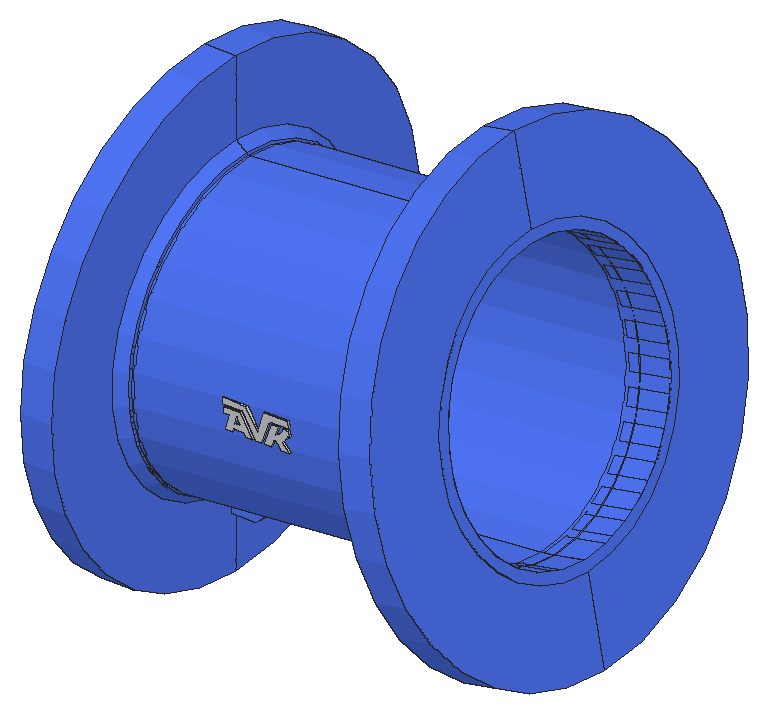
Revit family "712-0120-001-DN200", category Pipe Fittings, Revit 2019
Family settings
  Round Connector Dimension = Use Diameter
  Part Type = Elbow
  Work Plane-Based = No
  Always vertical = Yes
  Cut with Voids When Loaded = No
  Shared = No
Parameters (values of type "DN200_PN10/16")
  Rf_Dia = 133 mm
  RF_Thick = 4 mm
  L_Ref = 110 mm
  L = 132 mm  # constant formula
  ID(Radius) = [Nominal Diameter(DN)] / 2  # 100 mm
  Flange_thickness = 23 mm
  Nominal Diameter(DN) = 200 mm
  FOD = 170 mm
  URL product pages = "https://www.avkvalves.com/P.aspx?no=712020001200"
  Description_ = "AVK FLANGED BEND 11.25° W/LOOSE FLANGES"
  DN200_PN16 = "712-0200-01-201"
  DN200_PN10/16 = yes
  DN200_PN10 = "712-0200-01-200"
  Body_wallthickness = 15 mm + [Nominal Diameter(DN)]  # 215 mm
  A = 11.25°  # constant formula
Reference planes
  plane 1 "Center (Front/Back)": y = 0
  plane 2: z = 0
  plane 3 "Center (Left/Right)": x = 0
  plane 4: x = 132
  plane 5: through (128.985, -1524, 15.156) normal (0.9808, 0, 0.1951)
  plane 6: through (258.449, -1524, 40.908) normal (0.9808, 0, 0.1951)
  plane 7: through (132, -1524, 0) normal (-0.1951, 0, 0.9808)
  plane 8: z = -130
  plane 9: x = 48
  plane 10: x = 38
  plane 11: z = -120
Forms (mm)
  Sweep 1, solid, material "Plastic"
    path origin (0, 0, 0) x (1, 0, 0) y (0, 0, -1)
      loop
        line (0, 0) -> (33.509, 0)
        arc (33.509, 0) -> (131.526, -4.815) -> (228.599, -19.215) r 1000
        line (228.599, -19.215) -> (261.464, -25.752)
    profile origin (16.754, 0, 0) x (0, 0, 1) y (0, -1, 0)
      loop
        circle (0, 0) r 100
      loop
        circle (0, 0) r 107.5
  Revolve 2, solid, material "Plastic"
    sketch origin (0, 0, 0) x (1, 0, 0) y (0, 0, -1)
      loop
        line (0, 100) -> (23, 100) -> (23, 170) -> (0, 170) -> (0, 100)
      axis (0, 0) -> (23, 0)
    angle from 0 to 360
  Revolve 3, solid, material "Plastic"
    sketch origin (0, 0, 0) x (1, 0, 0) y (0, 0, -1)
      loop
        line (280.973, 72.327) -> (294.629, 140.982) -> (272.071, 145.469) -> (258.415, 76.814) -> (280.973, 72.327)
      axis (238.906, -21.265) -> (261.464, -25.752)
    angle from 0 to 360
  Revolve 4, solid, material "Plastic"
    sketch origin (0, 0, 0) x (1, 0, 0) y (0, 0, -1)
      loop
        line (23, 100) -> (31.437, 100) -> (31.437, 109.092) -> (23, 115) -> (23, 100)
      axis (23, 0) -> (31.437, 0)
    angle from 0 to 360
  Revolve 5, solid, material "Plastic"
    sketch origin (0, 0, 0) x (1, 0, 0) y (0, 0, -1)
      loop
        line (258.415, 76.814) -> (261.341, 91.525) -> (252.681, 86.525) -> (251.041, 78.28) -> (258.415, 76.814)
      axis (231.532, -19.798) -> (238.906, -21.265)
    angle from 0 to 360
  Extrusion 6, solid, material "Plastic"
    sketch origin (0, 0, 0) x (1, 0, 0) y (0, 0, 1)
      loop
        line (23, -100) -> (23, -130) -> (38, -130)
        arc (38, -130) -> (45.071, -127.071) -> (48, -120) r 10
        line (48, -120) -> (48, -100) -> (23, -100)
      loop
        circle (35.22, -117.317) r 6
    from -4.334 to 4.334
Dimensions and locks
  "L": plane 4 to plane 3 "Center (Left/Right)"
  "L": plane 5 to Sweep 1
  "Flange_thickness": Revolve 2 sketch curve to Sweep 1
  "ID(Radius)": Revolve 3 sketch curve to plane 7
  "FOD": Revolve 3 sketch curve to plane 7
  "Flange_thickness": Sweep 1 to Revolve 3 sketch curve
  locked: Revolve 5 sketch curve to plane 7 at 115
  locked: Revolve 5 sketch curve to plane 7 at 108.407
  locked: Revolve 5 sketch curve to plane 7 at 100
  locked: Revolve 5 sketch curve to Revolve 3 at 7.518
  locked: Revolve 2 to Revolve 4 sketch curve at 8.437
  locked: level to Extrusion 6 sketch curve at 100
  locked: level to Extrusion 6 sketch curve at 130
  locked: Extrusion 6 sketch curve to Revolve 2 at 25
  equal spacing: Extrusion 6, plane 1 "Center (Front/Back)", Extrusion 6
  locked: Extrusion 6 to Extrusion 6 at 8.668
  "ID(Radius)": radius of Sweep 1 sketch curve
  "Body_wallthickness": diameter of Sweep 1 sketch curve
  "A": angle plane 4 to plane 5
  aligned and locked: level to plane 2
  aligned and locked: Sweep 1 sketch curve to plane 3 "Center (Left/Right)"
  aligned and locked: plane 6 to Sweep 1 sketch curve
  aligned and locked: Revolve 2 sketch curve to Sweep 1
  aligned and locked: Revolve 3 sketch curve to Sweep 1
  aligned and locked: plane 7 to Revolve 3 sketch curve
  aligned and locked: Revolve 5 sketch curve to Revolve 3
  aligned and locked: plane 7 to Revolve 5 sketch curve
  aligned and locked: Revolve 4 sketch curve to Revolve 2
  aligned and locked: Revolve 2 to Extrusion 6 sketch curve
  aligned and locked: plane 11 to Extrusion 6 sketch curve
  aligned and locked: plane 9 to Extrusion 6 sketch curve
  aligned and locked: plane 10 to Extrusion 6 sketch curve
Automatic sketch dimensions
  Sweep 1 sketch curve to plane 7 = 0 mm  (x2)
  Sweep 1 sketch curve to plane 3 "Center (Left/Right)" = 33.509 mm
  Sweep 1 sketch curve to Sweep 1 sketch curve = 32.865 mm
  Sweep 1 sketch curve to Sweep 1 sketch curve = 980.785 mm
  Revolve 4 sketch curve to Revolve 4 sketch curve = 9.092 mm
  Revolve 4 sketch curve to Revolve 4 sketch curve = 5.908 mm
  Revolve 4 sketch curve to plane 3 "Center (Left/Right)" = 18 mm
  Revolve 4 sketch curve to Revolve 4 sketch curve = 35 mm
  Revolve 4 sketch curve to Revolve 4 sketch curve = 100 mm
  Revolve 5 sketch curve to Revolve 5 sketch curve = 24.52 mm
  level to Revolve 4 sketch curve = 100 mm
  plane 4 to Revolve 5 sketch curve = 94.628 mm
  Extrusion 6 sketch curve to Extrusion 6 sketch curve = 2.78 mm
  Extrusion 6 sketch curve to Extrusion 6 sketch curve = 2.683 mm
  Sweep 1 sketch curve to Sweep 1 sketch curve = 0 mm  (x2)
  Sweep 1 sketch curve to plane 1 "Center (Front/Back)" = 0 mm
  profile plane to Sweep 1 sketch curve = 0 mm
  Revolve 2 sketch curve to level = 0 mm
  level to Revolve 2 sketch curve = 100 mm
  Revolve 2 sketch curve to Revolve 2 sketch curve = 70 mm
  plane 3 "Center (Left/Right)" to Revolve 2 sketch curve = 20 mm
  Revolve 2 sketch curve to plane 3 "Center (Left/Right)" = 23 mm
  Revolve 3 sketch curve to plane 6 = 0 mm
  Revolve 3 sketch curve to level = 19.314 mm
  radius of Extrusion 6 sketch curve = 6 mm
Nested families
  nested 1: "LOGO L" at (127.144, -106.318, -11.575) x (0.9999, 0.0135, 0.002) z (0.0136, -0.989, -0.1473), type "LOGO L"
Connectors
  piping at (261.464, 0, 25.752), diameter 200, driven by "Nominal Diameter(DN)"
    settings: on Revolve 3, index 1, connector inside diameter 609.6 mm, connector length 0 mm, flow factor 0, pipe flow 0.0 L/s, pressure drop 0.0 Pa, fitting loss kfactor 0, connector angle 0.00°, fixture units 0, engagement length 0 mm, angle of deflection 0.00°, flow configuration 0, flow direction 0, fitting loss method 0, system type 7, joint type 0, gender type 0, connector reference index -1, connector utility 0, adjustable connector no, is connector primary yes, connector description ""
  piping at (0, 0, 0), diameter 200, driven by "Nominal Diameter(DN)"
    settings: on Revolve 2, index 2, connector inside diameter 609.6 mm, connector length 0 mm, flow factor 0, pipe flow 0.0 L/s, pressure drop 0.0 Pa, fitting loss kfactor 0, connector angle 0.00°, fixture units 0, engagement length 0 mm, angle of deflection 0.00°, flow configuration 0, flow direction 0, fitting loss method 0, system type 7, joint type 0, gender type 0, connector reference index -1, connector utility 0, adjustable connector no, is connector primary no, connector description ""
Definition of nested family "LOGO L"
  Parameters (values of type "LOGO L")
    Default Elevation = 1219.2 mm
  Reference planes
    plane 1 "Center (Front/Back)": y = 0
    plane 2: z = 0
    plane 3 "Center (Left/Right)": x = 0
  Forms (mm)
    Extrusion 1, solid
      sketch origin (0, 0, 0) x (1, 0, 0) y (0, 1, 0)
        loop
          line (-1219.2, 1219.2) -> (-1219.2, -1219.2) -> (1219.2, -1219.2) -> (1219.2, 1219.2) -> (-1219.2, 1219.2)
      from 0 to -304.8
    Extrusion 2, solid
      sketch origin (0, 0, 0) x (1, 0, 0) y (0, 1, 0)
        loop
          line (-6.514, 34.224) -> (-24, 34.224) -> (-24, 29.481) -> (-9.766, 29.481) -> (-2.391, 11.367) -> (2.391, 11.367) -> (9.766, 29.481) -> (24, 29.481) -> (24, 34.224) -> (6.514, 34.224) -> (0, 18.224) -> (-6.514, 34.224)
        loop
          line (-10.996, 27.653) -> (-24, 27.653) -> (-24, 23.081) -> (-19.503, 23.081) -> (-24, 11.367) -> (-18.92, 11.367) -> (-17.955, 13.881) -> (-10.51, 13.881) -> (-9.486, 11.367) -> (-4.365, 11.367) -> (-10.996, 27.653)
        loop
          line (-16.777, 18.224) -> (-12.278, 18.224) -> (-14.594, 23.912) -> (-16.777, 18.224)
        loop
          line (4.365, 11.367) -> (9.486, 11.367) -> (12.093, 17.77) -> (16.918, 11.367) -> (22.857, 11.367) -> (17.399, 18.61)
          arc (17.399, 18.61) -> (20.583, 20.18) -> (22.629, 23.081) r 7.2
          line (22.629, 23.081) -> (24, 23.081) -> (24, 27.653) -> (19.429, 27.653)
          arc (19.429, 27.653) -> (17.763, 23.526) -> (13.699, 21.714) r 5.943
          line (13.699, 21.714) -> (16.117, 27.653) -> (10.996, 27.653) -> (4.365, 11.367)
      from 0 to 1
  Dimensions and locks
    aligned and locked: plane 2 to Extrusion 1
    aligned and locked: level to Extrusion 1
    aligned and locked: Extrusion 2 sketch curve to import instance
